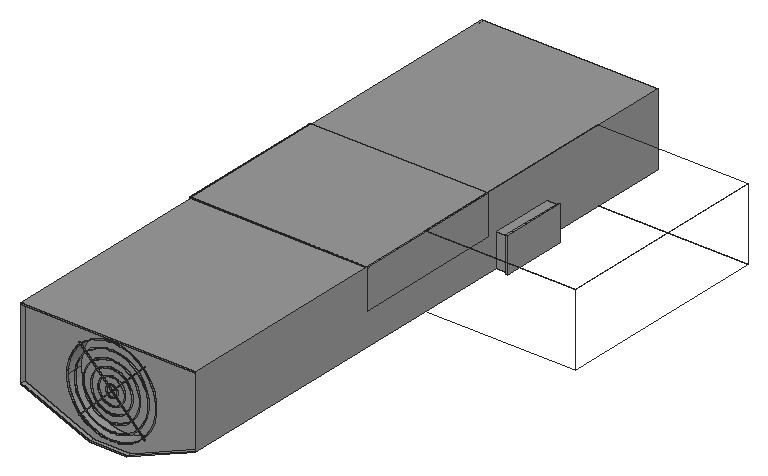
Revit family "SVT2", category Mechanical Equipment, Revit 2015
Parameters (values of type "SVT2-2E")
  Width = 701.685 mm
  Weight = 113.00 kg
  Voltage = if(Electrical Phase = 3, 400 V, 230 V)  # 400 V
  Unit Description = "Car Park Impulse Fan"
  Starting Current = 14.5 A
  Revit Family Last Revised = "30/10/18"  # constant formula
  Quote/Order Location Reference [instance] = ""
  OmniClass Title = "Axial Fans"  # constant formula
  OmniClass Number = "23-33 31 19 11"  # constant formula
  Number of Motor Poles = 4
  Number of Connection Poles = 3
  Nuaire Quote/Order Reference [instance] = ""
  Nuaire Model Code = "SVT2-2E"
  Nominal Motor Speed (rpm) = 2775
  Nominal Motor Rating = 1100 W
  Manufacturer Name = "Nuaire"  # constant formula
  Length = 2303.4 mm
  IFCExportAs = "IfcFanType"  # constant formula
  I&M Manual = "http://www.nuaire.info/iandm/671409.pdf"
  Hole Diameter = if(Height = 404 mm, 355 mm, 315 mm)  # 355 mm
  Hole Centre = (Height - 3.9 mm) / 2  # 200.05 mm
  Show Access Clearance [instance] = yes
  Model Drawn by = "Michael Grote"  # constant formula
  Height = 404 mm
  Full Load Current = 2.7 A
  URL = "http://www.nuaire.co.uk"
  Warranty Period = "3 Years"
  Weatherproof or Internal Only = "Internal"
  Manufacturer = Manufacturer Name  # "Nuaire"
  Electrical Phase = 3
  Description = Unit Description  # "Car Park Impulse Fan"
  Classification.Uniclass.Pr.Number = "Pr_65_67_29_05"  # constant formula
  Classification.Uniclass.Pr.Description = "Axial flow fans"  # constant formula
  Catalogue Pages = "http://www.nuaire.info/catalogue/SmokeFans-SVT.pdf"
  Apparent Load = Voltage * Full Load Current  # 1080 VA
  Air Flow [instance] = 1.8 L/s
  Address = "Western Industrial Estate, Caerphilly, UK"  # constant formula
  Postcode = "CF83 1NA"  # constant formula
  Telephone Number = "+44(0)2920-858-200"  # constant formula
  Fax Number = "+44(0)2920-858-222"  # constant formula
  Email Address = "info@nuaire.co.uk"  # constant formula
  VAT Registration Number = "877308"  # constant formula
  Model = Nuaire Model Code  # "SVT2-2E"
  2E = not([1E])  # yes
  1E = no
Types (3, lengths in mm): name | Weight | Nuaire Model Code | Hole Diameter | Hole Centre | Height | Air Flow | Model | 2E | 1E
  (no name) | 113.00 kg | "SVT2-2E" | 355 | 200.05 | 404 | 1.8 L/s | "SVT2-2E" | yes | no
  SVT2-1E | 94.00 kg | "SVT2-1E" | 315 | 162.55 | 329 | 1100.0 L/s | "SVT2-1E" | no | yes
  SVT2-2E | 113.00 kg | "SVT2-2E" | 355 | 200.05 | 404 | 1.8 L/s | "SVT2-2E" | yes | no
Reference planes
  plane 1 "Center (Front/Back)": y = 0
  plane 2: z = 0
  plane 3 "Center (Left/Right)": x = 0
  plane 4: x = 350.843
  plane 5: x = -350.843
  plane 6: y = 1151.7
  plane 7: y = -1151.7
  plane 8: z = -404
  plane 9: z = -291.503
  plane 10: z = -404
  plane 11: z = -203.95
Forms (mm)
  Extrusion 1, solid, material "Aluzinc"
    sketch origin (0, 0, 0) x (1, 0, 0) y (0, 1, 0)
      loop
        line (395.643, 592.901) -> (350.843, 592.901) -> (350.843, 340.201) -> (395.643, 340.201) -> (395.643, 592.901)
    from -288.469 to -156.669
  Extrusion 2, solid, material "Aluzinc"
    sketch origin (0, 0, 0) x (1, 0, 0) y (0, 1, 0)
      loop
        line (395.643, 337.601) -> (403.543, 337.601) -> (403.543, 595.401) -> (395.643, 595.401) -> (395.643, 337.601)
    from -291.503 to -153.669
  Extrusion 3, solid, material "Aluzinc"
    sketch origin (0, 0, 0) x (1, 0, 0) y (0, 0, 1)
      loop
        line (-353.104, -250.814) -> (-353.104, -3) -> (352.896, -3) -> (352.896, -156.664) -> (355.896, -156.664) -> (355.896, -3.001)
        arc (355.896, -3.001) -> (355.017, -0.879) -> (352.895, 0) r 3.001
        line (352.895, 0) -> (-353.103, 0)
        arc (-353.103, 0) -> (-355.225, -0.879) -> (-356.104, -3.001) r 3.001
        line (-356.104, -3.001) -> (-356.104, -250.01) -> (-366.104, -267.331) -> (-363.506, -268.831) -> (-353.104, -250.814)
    from -298.1 to 301.899
  Extrusion 4, solid, material "Aluzinc"
    sketch origin (0, 0, 0) x (1, 0, 0) y (0, 0, 1)
      loop
        line (-350.843, -3.91) -> (-350.843, -291.503) -> (-75.178, -404) -> (75.178, -404) -> (350.843, -291.503) -> (350.843, -3.91) -> (-350.843, -3.91)
    from -1151.7 to 1151.7
  Extrusion 5, void
    sketch origin (0, 1151.7, 0) x (1, 0, 0) y (0, 0, 1)
      loop
        line (-347.843, -6.91) -> (-347.843, -289.487) -> (-74.59, -401) -> (74.59, -401) -> (347.843, -289.487) -> (347.843, -6.91) -> (-347.843, -6.91)
    from 0 to 20
  Extrusion 6, void
    sketch origin (0, 0, 0) x (1, 0, 0) y (0, 0, 1)
      loop
        circle (0, -203.95) r 177.5
    from 1067.206 to 1151.7
  Extrusion 7, void
    sketch origin (0, 2218.906, 0) x (1, 0, 0) y (0, 0, 1)
      loop
        circle (0, -203.95) r 177.5
    from 1067.206 to 1151.7
  Extrusion 8, void
    sketch origin (0, -1131.7, 0) x (1, 0, 0) y (0, 0, 1)
      loop
        line (-347.843, -6.91) -> (-347.843, -289.487) -> (-74.59, -401) -> (74.59, -401) -> (347.843, -289.487) -> (347.843, -6.91) -> (-347.843, -6.91)
    from 0 to 20
  Revolve 9, solid, material "Aluzinc"
    sketch origin (0, 0, 0) x (0, 1, 0) y (0, 0, 1)
      loop
        circle (-1134.613, -26.45) r 1.133
      loop
        circle (-1134.613, -91.45) r 1.133
      loop
        circle (-1134.613, -151.45) r 1.133
      loop
        circle (-1134.613, -56.783) r 1.133
      loop
        circle (-1134.613, -121.45) r 1.133
      loop
        circle (-1134.613, -181.45) r 1.133
      axis (-1133.48, -203.95) -> (-1135.747, -203.95)
    angle from 0 to 360
  Extrusion 10, solid, material "Aluzinc", visible <- "2E"
    sketch origin (-144.328, 0, -59.461) x (0, 1, 0) y (-0.707107, 0, 0.707107)
      loop
        circle (-1132.601, -203.95) r 0.898
    from -185.24 to 184.463
  Extrusion 11, solid, material "Aluzinc", visible <- "2E"
    sketch origin (144.328, 0, -59.461) x (0, 1, 0) y (-0.707107, 0, -0.707107)
      loop
        circle (-1132.601, 203.95) r 0.898
    from -185.24 to 184.463
  Extrusion 12, solid, material "Aluzinc", visible <- "1E"
    sketch origin (-144.328, 0, -22.113) x (0, 1, 0) y (-0.707107, 0, 0.707107)
      loop
        circle (-1132.601, -203.95) r 0.898
    from -185.24 to 184.463
  Extrusion 13, solid, material "Aluzinc", visible <- "1E"
    sketch origin (144.328, 0, -22.113) x (0, 1, 0) y (-0.707107, 0, -0.707107)
      loop
        circle (-1132.601, 203.95) r 0.898
    from -185.24 to 184.463
  Extrusion 14, solid, material "Aluzinc", visible <- "2E"
    sketch origin (-144.328, 0, -59.461) x (0, -1, 0) y (0.707107, 0, -0.707107)
      loop
        circle (-1132.601, 203.95) r 0.898
    from -185.24 to 184.463
  Extrusion 15, solid, material "Aluzinc", visible <- "2E"
    sketch origin (144.328, 0, -59.461) x (0, -1, 0) y (0.707107, 0, 0.707107)
      loop
        circle (-1132.601, -203.95) r 0.898
    from -185.24 to 184.463
  Extrusion 16, solid, material "Aluzinc", visible <- "1E"
    sketch origin (-144.328, 0, -22.113) x (0, -1, 0) y (0.707107, 0, -0.707107)
      loop
        circle (-1132.601, 203.95) r 0.898
    from -185.24 to 184.463
  Extrusion 17, solid, material "Aluzinc", visible <- "1E"
    sketch origin (144.328, 0, -22.113) x (0, -1, 0) y (0.707107, 0, 0.707107)
      loop
        circle (-1132.601, -203.95) r 0.898
    from -185.24 to 184.463
  Revolve 18, solid, material "Aluzinc"
    sketch origin (0, 0, 0) x (0, -1, 0) y (0, 0, 1)
      loop
        circle (-1134.613, -26.45) r 1.133
      loop
        circle (-1134.613, -91.45) r 1.133
      loop
        circle (-1134.613, -151.45) r 1.133
      loop
        circle (-1134.613, -56.783) r 1.133
      loop
        circle (-1134.613, -121.45) r 1.133
      loop
        circle (-1134.613, -181.45) r 1.133
      axis (-1133.48, -203.95) -> (-1135.747, -203.95)
    angle from 0 to 360
  Extrusion 19, solid, material "Access Clearance", visible <- "Show Access Clearance"
    sketch origin (0, 0, 0) x (1, 0, 0) y (0, 0, 1)
      loop
        line (350.843, -291.503) -> (950.843, -291.503) -> (950.843, 0) -> (350.843, 0) -> (350.843, -291.503)
    from -851.632 to 9.19
Cuts and joins
  Extrusion 5, Extrusion 6, Extrusion 7, Extrusion 8 cuts Extrusion 4
Dimensions and locks
  equal spacing: plane 5, plane 3 "Center (Left/Right)", plane 4
  "Width": plane 5 to plane 4
  equal spacing: plane 6, plane 1 "Center (Front/Back)", plane 7
  "Length": plane 6 to plane 7
  locked: plane 9 to plane 10 at 112.497
  "Height": level to plane 10
  "Hole Centre": plane 11 to plane 8
  locked: Extrusion 1 to plane 9 at 3.034
  locked: Extrusion 1 to plane 9 at 134.834
  locked: Extrusion 2 to plane 9 at 137.834
  "Hole Diameter": diameter of Extrusion 6 sketch curve
  "Hole Diameter": diameter of Extrusion 7 sketch curve
  aligned and locked: level to plane 2
  aligned and locked: plane 5 to Extrusion 4 sketch curve
  aligned and locked: Extrusion 4 sketch curve to plane 4
  aligned and locked: Extrusion 4 sketch curve to plane 10
  aligned and locked: plane 8 to plane 10
  aligned and locked: Extrusion 2 to plane 9
Automatic sketch dimensions
  Extrusion 1 sketch curve to plane 4 = 0 mm
  plane 4 to Extrusion 1 sketch curve = 44.8 mm
  Extrusion 1 sketch curve to plane 1 "Center (Front/Back)" = 340.201 mm
  Extrusion 1 sketch curve to Extrusion 1 sketch curve = 252.7 mm
  plane 4 to Extrusion 2 sketch curve = 44.8 mm
  plane 4 to Extrusion 2 sketch curve = 52.7 mm
  Extrusion 2 sketch curve to plane 1 "Center (Front/Back)" = 337.601 mm
  Extrusion 2 sketch curve to Extrusion 2 sketch curve = 257.8 mm
  Extrusion 3 sketch curve to level = 0 mm
  plane 5 to Extrusion 3 sketch curve = 15.261 mm
  plane 5 to Extrusion 3 sketch curve = 12.663 mm
  plane 9 to Extrusion 3 sketch curve = 22.672 mm
  plane 5 to Extrusion 3 sketch curve = 5.261 mm
  plane 5 to Extrusion 3 sketch curve = 2.261 mm
  plane 5 to Extrusion 3 sketch curve = 2.26 mm
  plane 4 to Extrusion 3 sketch curve = 2.052 mm
  Extrusion 3 sketch curve to Extrusion 3 sketch curve = 0.001 mm  (x2)
  Extrusion 3 sketch curve to Extrusion 3 sketch curve = 3 mm
  Extrusion 3 sketch curve to Extrusion 3 sketch curve = 1.5 mm
  plane 11 to Extrusion 3 sketch curve = 47.286 mm
  Extrusion 4 sketch curve to plane 9 = 0 mm  (x2)
  Extrusion 4 sketch curve to plane 3 "Center (Left/Right)" = 75.178 mm
  plane 3 "Center (Left/Right)" to Extrusion 4 sketch curve = 75.178 mm
  Extrusion 4 sketch curve to level = 3.91 mm  (x2)
  Extrusion 5 sketch curve to plane 5 = 3 mm
  plane 8 to Extrusion 5 sketch curve = 3 mm
  Extrusion 5 sketch curve to plane 3 "Center (Left/Right)" = 74.59 mm
  plane 3 "Center (Left/Right)" to Extrusion 5 sketch curve = 74.59 mm
  Extrusion 5 sketch curve to plane 4 = 3 mm
  plane 9 to Extrusion 5 sketch curve = 2.016 mm  (x2)
  Extrusion 5 sketch curve to level = 6.91 mm  (x2)
  Extrusion 8 sketch curve to plane 5 = 3 mm
  plane 8 to Extrusion 8 sketch curve = 3 mm
  Extrusion 8 sketch curve to plane 3 "Center (Left/Right)" = 74.59 mm
  plane 3 "Center (Left/Right)" to Extrusion 8 sketch curve = 74.59 mm
  Extrusion 8 sketch curve to plane 4 = 3 mm
  plane 9 to Extrusion 8 sketch curve = 2.016 mm  (x2)
  Extrusion 8 sketch curve to level = 6.91 mm  (x2)
  Revolve 9 sketch curve to plane 11 = 0 mm
  plane 7 to Revolve 9 sketch curve = 25.506 mm
  Revolve 9 sketch curve to plane 7 = 17.087 mm  (x6)
  Revolve 9 sketch curve to Revolve 9 sketch curve = 37.407 mm
  plane 11 to Revolve 9 sketch curve = 22.5 mm
  Revolve 9 sketch curve to Revolve 9 sketch curve = 30 mm  (x3)
  Revolve 9 sketch curve to Revolve 9 sketch curve = 34.667 mm
  Revolve 9 sketch curve to level = 26.45 mm
  Extrusion 10 sketch curve to plane 7 = 19.099 mm
  Extrusion 11 sketch curve to plane 7 = 19.099 mm
  Extrusion 12 sketch curve to plane 7 = 19.099 mm
  Extrusion 13 sketch curve to plane 7 = 19.099 mm
  Extrusion 14 sketch curve to plane 6 = 19.099 mm
  Extrusion 15 sketch curve to plane 6 = 19.099 mm
  Extrusion 16 sketch curve to plane 6 = 19.099 mm
  Extrusion 17 sketch curve to plane 6 = 19.099 mm
  Revolve 18 sketch curve to plane 11 = 0 mm
  Revolve 18 sketch curve to plane 6 = 25.506 mm
  plane 6 to Revolve 18 sketch curve = 17.087 mm  (x6)
  Revolve 18 sketch curve to Revolve 18 sketch curve = 37.407 mm
  Revolve 18 sketch curve to plane 11 = 22.5 mm
  Revolve 18 sketch curve to Revolve 18 sketch curve = 30 mm  (x3)
  Revolve 18 sketch curve to Revolve 18 sketch curve = 34.667 mm
  level to Revolve 18 sketch curve = 26.45 mm
  Extrusion 19 sketch curve to level = 0 mm
  Extrusion 19 sketch curve to plane 4 = 0 mm
  Extrusion 19 sketch curve to plane 9 = 0 mm
  plane 4 to Extrusion 19 sketch curve = 600 mm
  Extrusion 6 sketch curve to plane 3 "Center (Left/Right)" = 0 mm
  Extrusion 6 sketch curve to plane 11 = 0 mm
  Extrusion 7 sketch curve to plane 3 "Center (Left/Right)" = 0 mm
  Extrusion 7 sketch curve to plane 11 = 0 mm
  radius of Revolve 9 sketch curve = 1.133 mm  (x6)
  radius of Extrusion 10 sketch curve = 0.898 mm
  radius of Extrusion 11 sketch curve = 0.898 mm
  radius of Extrusion 12 sketch curve = 0.898 mm
  radius of Extrusion 13 sketch curve = 0.898 mm
  radius of Extrusion 14 sketch curve = 0.898 mm
  radius of Extrusion 15 sketch curve = 0.898 mm
  radius of Extrusion 16 sketch curve = 0.898 mm
  radius of Extrusion 17 sketch curve = 0.898 mm
  radius of Revolve 18 sketch curve = 1.133 mm  (x6)
Nested families
  nested 1: "label_nuaire_logo" at (350.843, -709.799, -119.164) x (0, 1, 0) z (1, 0, 0), type "label_nuaire_logo"
    with Scale Factor 876.495 mm, Actual Scale 306.773 mm
Connectors
  electrical at (403.543, 466.501, -222.586), driven by "Voltage", driven by "Apparent Load", driven by "Number of Connection Poles"
    settings: on Extrusion 2, index 1, voltage 400 V, apparent load 1080 VA, apparent load phase1 0 VA, apparent load phase2 0 VA, apparent load phase3 0 VA, power factor 1, load classification "Other", number of poles 3, system type 30, power factor state 1, is connector primary yes, connector utility no, sub classification motor no, connector description "Power Supply"
Definition of nested family "label_nuaire_logo"
  Parameters
    Scale Factor [instance] = Scale * 452  # 452 mm
    Scale = 1 mm
    Actual Scale [instance] = Scale Factor * 0.35  # 158.2 mm
  Reference planes
    plane 1 "Center (Front/Back)": y = 0
    plane 2: z = 0
    plane 3 "Center (Left/Right)": x = 0
  Lines and regions (mm)
    reference lines
      curve 1: line (79.1, -32.13, 0) -> (79.1, 30, 0)
      curve 2: line (-79.1, -32.13, 0) -> (-79.1, 30, 0)
  Dimensions and locks
    equal spacing: curve 2, plane 3 "Center (Left/Right)", curve 1
    "Actual Scale": curve 2 to curve 1
    aligned and locked: level to plane 2
  Automatic sketch dimensions
    plane 1 "Center (Front/Back)" to curve 2 = 32.13 mm
    plane 1 "Center (Front/Back)" to curve 1 = 32.13 mm
    curve 2 to plane 1 "Center (Front/Back)" = 30 mm
    curve 1 to plane 1 "Center (Front/Back)" = 30 mm
  Nested families
    nested 1: "logo_stage2" at (10, 0, 0), type "logo_stage2"
  Definition of nested family "logo_stage2"
    Parameters
      Height = 452 mm
    Reference planes
      plane 1 "Center (Front/Back)": y = 0
      plane 2: z = 0
      plane 3 "Center (Left/Right)": x = 0
    Dimensions and locks
      aligned and locked: level to plane 2
    Nested families
      nested 1: "logo_stage1" at (0, 0, 0), type "logo_stage1"
    Definition of nested family "logo_stage1"
      Parameters
        Height = 1300 mm
      Reference planes
        plane 1 "Center (Front/Back)": y = 0
        plane 2: z = 0
        plane 3 "Center (Left/Right)": x = 0
      Lines and regions (mm)
        model lines
          curve 1: arc (7.927, 29.489, 0) -> (-47.363, 58.16, 0) -> (-106.604, 77.382, 0) r 378.77
          curve 2: arc (-106.604, 77.382, 0) -> (-163.216, 86.224, 0) -> (-220.277, 81.007, 0) r 233.393
          curve 3: arc (-246.965, 20.991, 0) -> (-215.043, -15.792, 0) -> (-174.42, -42.657, 0) r 179.785
          curve 4: arc (-174.42, -42.657, 0) -> (-107.072, -70.342, 0) -> (-36.955, -89.99, 0) r 623.693
          curve 5: arc (-36.955, -89.99, 0) -> (-105.996, -69.023, 0) -> (-170.812, -37.319, 0) r 451.207
          curve 6: arc (-170.812, -37.319, 0) -> (-200.304, -16.562, 0) -> (-226.197, 8.542, 0) r 230.474
          curve 7: arc (-206.815, 72.232, 0) -> (-163.659, 78.527, 0) -> (-120.226, 74.571, 0) r 185.468
          curve 8: arc (-120.226, 74.571, 0) -> (-54.126, 57.782, 0) -> (7.927, 29.489, 0) r 381.393
          curve 9: line (-161.219, -24.259, 0) -> (-141.514, -24.259, 0)
          curve 10: line (-141.514, -24.259, 0) -> (-136.798, 0, 0)
          curve 11: arc (-136.798, 0, 0) -> (-133.437, 8.115, 0) -> (-125.322, 11.477, 0) r 11.477
          curve 12: arc (-125.322, 11.477, 0) -> (-118.479, 7.762, 0) -> (-117.869, 0, 0) r 8.158
          curve 13: line (-117.869, 0, 0) -> (-122.146, -24.259, 0)
          curve 14: line (-122.146, -24.259, 0) -> (-102.441, -24.259, 0)
          curve 15: line (-102.441, -24.259, 0) -> (-97.309, 4.849, 0)
          curve 16: arc (-97.309, 4.849, 0) -> (-99.379, 18.095, 0) -> (-110.885, 24.977, 0) r 15.794
          curve 17: arc (-110.885, 24.977, 0) -> (-122.995, 23.787, 0) -> (-133.701, 18.002, 0) r 30.821
          curve 18: line (-133.701, 18.002, 0) -> (-132.598, 24.255, 0)
          curve 19: line (-161.219, -24.259, 0) -> (-152.664, 24.255, 0)
          curve 20: line (-152.664, 24.255, 0) -> (-132.598, 24.255, 0)
          curve 21: line (-80.79, 24.255, 0) -> (-86.175, -3.448, 0)
          curve 22: arc (-86.175, -3.448, 0) -> (-83.467, -16.761, 0) -> (-72.138, -24.259, 0) r 17.751
          curve 23: arc (-72.138, -24.259, 0) -> (-59.938, -25.434, 0) -> (-47.739, -24.259, 0) r 63.934
          curve 24: arc (-47.739, -24.259, 0) -> (-34.611, -17.57, 0) -> (-27.023, -4.941, 0) r 26.727
          curve 25: line (-27.023, -4.941, 0) -> (-21.348, 24.255, 0)
          curve 26: line (-21.348, 24.255, 0) -> (-41.053, 24.255, 0)
          curve 27: line (-41.053, 24.255, 0) -> (-46.093, -1.676, 0)
          curve 28: arc (-46.093, -1.676, 0) -> (-50.186, -8.91, 0) -> (-57.808, -12.224, 0) r 13.097
          curve 29: arc (-57.808, -12.224, 0) -> (-64.693, -9.158, 0) -> (-65.742, -1.695, 0) r 7.773
          curve 30: line (-65.742, -1.695, 0) -> (-61.166, 24.255, 0)
          curve 31: line (-61.166, 24.255, 0) -> (-80.79, 24.255, 0)
          curve 32: arc (31.54, 19.236, 0) -> (16.208, 25.528, 0) -> (0, 22.075, 0) r 28.07
          curve 33: arc (0, 22.075, 0) -> (-10.88, 12.774, 0) -> (-17.338, 0, 0) r 36.434
          curve 34: arc (-17.338, 0, 0) -> (-15.613, -14.796, 0) -> (-4.047, -24.183, 0) r 19.761
          curve 35: arc (-4.047, -24.183, 0) -> (10.741, -24.948, 0) -> (24.166, -18.699, 0) r 30.688
          curve 36: line (24.166, -18.699, 0) -> (23.117, -24.098, 0)
          curve 37: line (23.117, -24.098, 0) -> (43.271, -24.098, 0)
          curve 38: line (43.271, -24.098, 0) -> (51.797, 24.255, 0)
          curve 39: line (51.797, 24.255, 0) -> (32.515, 24.255, 0)
          curve 40: line (32.515, 24.255, 0) -> (31.54, 19.236, 0)
          curve 41: arc (27.176, -3.213, 0) -> (27.314, 5.536, 0) -> (19.984, 10.314, 0) r 9.053
          curve 42: arc (19.984, 10.314, 0) -> (10.965, 8.578, 0) -> (4.044, 2.54, 0) r 17.627
          curve 43: arc (4.044, 2.54, 0) -> (3.437, -5.353, 0) -> (9.873, -9.961, 0) r 8.063
          curve 44: arc (9.873, -9.961, 0) -> (19.716, -9.642, 0) -> (27.176, -3.213, 0) r 14.789
          curve 45: line (64.987, 24.255, 0) -> (85.001, 24.255, 0)
          curve 46: line (85.001, 24.255, 0) -> (76.475, -24.098, 0)
          curve 47: line (76.475, -24.098, 0) -> (56.461, -24.098, 0)
          curve 48: line (56.461, -24.098, 0) -> (64.987, 24.255, 0)
          curve 49: line (97.733, 24.255, 0) -> (117.438, 24.255, 0)
          curve 50: line (117.438, 24.255, 0) -> (116.079, 16.546, 0)
          curve 51: arc (116.079, 16.546, 0) -> (127.306, 23.283, 0) -> (140.3, 24.886, 0) r 31.571
          curve 52: line (140.3, 24.886, 0) -> (137.316, 7.965, 0)
          curve 53: arc (137.316, 7.965, 0) -> (129.144, 9.507, 0) -> (120.972, 7.965, 0) r 22.429
          curve 54: arc (120.972, 7.965, 0) -> (114.704, 2.976, 0) -> (112.337, -4.677, 0) r 13.585
          curve 55: line (112.337, -4.677, 0) -> (108.912, -24.098, 0)
          curve 56: line (108.912, -24.098, 0) -> (89.207, -24.098, 0)
          curve 57: line (89.207, -24.098, 0) -> (97.733, 24.255, 0)
          curve 58: arc (93.618, 47.57, 0) -> (74.854, 53.038, 0) -> (55.359, 51.64, 0) r 55.33
          curve 59: arc (93.618, 47.57, 0) -> (97.282, 41.659, 0) -> (93.618, 35.747, 0) r 6.601
          curve 60: arc (93.618, 35.747, 0) -> (84.065, 32.23, 0) -> (73.978, 30.85, 0) r 47.065
          curve 61: arc (73.978, 30.85, 0) -> (80.846, 32.41, 0) -> (86.601, 36.47, 0) r 18.116
          curve 62: arc (86.601, 36.47, 0) -> (88.036, 41.905, 0) -> (84.218, 46.03, 0) r 5.836
          curve 63: arc (84.218, 46.03, 0) -> (70.224, 51.08, 0) -> (55.359, 51.64, 0) r 48.391
          curve 64: line (157.905, -2.864, 0) -> (199.286, -2.864, 0)
          curve 65: arc (199.286, -2.864, 0) -> (197.145, 14.652, 0) -> (182.34, 24.255, 0) r 20.852
          curve 66: arc (182.34, 24.255, 0) -> (165.366, 23.801, 0) -> (149.457, 17.863, 0) r 51.614
          curve 67: arc (149.457, 17.863, 0) -> (140.348, 5.451, 0) -> (139.348, -9.912, 0) r 27.469
          curve 68: arc (139.348, -9.912, 0) -> (144.958, -19.523, 0) -> (155.103, -24.098, 0) r 18.276
          curve 69: arc (155.103, -24.098, 0) -> (178.591, -23.478, 0) -> (196.981, -8.856, 0) r 37.046
          curve 70: line (196.981, -8.856, 0) -> (178.291, -8.856, 0)
          curve 71: arc (178.291, -8.856, 0) -> (168.439, -13.819, 0) -> (158.586, -8.856, 0) r 12.261
          curve 72: arc (158.586, -8.856, 0) -> (157.442, -5.951, 0) -> (157.905, -2.864, 0) r 6.023
          curve 73: line (199.286, -2.864, 0) -> (157.905, -2.864, 0)
          curve 74: line (159.772, 7.114, 0) -> (183.418, 7.114, 0)
          curve 75: arc (183.418, 7.114, 0) -> (171.595, 14.487, 0) -> (159.772, 7.114, 0) r 13.165
          curve 76: arc (-206.815, 72.232, 0) -> (-234.166, 45.761, 0) -> (-226.197, 8.542, 0) r 39.242
          curve 77: arc (-220.277, 81.007, 0) -> (-248.829, 57.762, 0) -> (-246.965, 20.991, 0) r 40.723
      Dimensions and locks
        aligned and locked: level to plane 2
